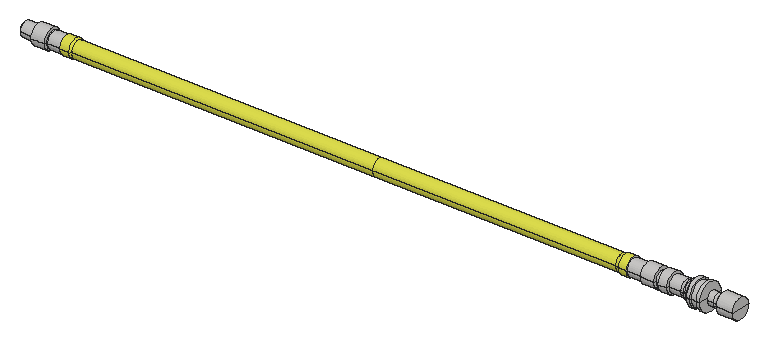
Revit family "QF_T&S_HG-4D-36K", category Specialty Equipment, Revit 2012
Parameters
  Weight in Pounds = 0
  URL Cutsheet = ""
  URL = "http://www.tsbrass.com/"
  Type Mark [instance] = ""
  Specification by User [instance] = ""
  Specification by Manufacturer = ""
  Serial Number = ""
  Seismic Rating = ""
  SMACNA No = ""
  Revision Code [instance] = ""
  Product Documentation Link = "http://catalog.tsbrass.com/"
  Plumbing Remarks = "Fusible Link Thermal Shut-Off"
  Omniclass Number and Title = ""
  NAFEM Spec ID Number = ""
  Model = "HG-4D-36K"  # constant formula
  Masterspec = ""
  Manufacturer Phone = ""
  Manufacturer Fax = ""
  Manufacturer Email = ""
  Manufacturer Address = ""
  Manufacturer = "T&S Brass and Bronze Works, Inc."  # constant formula
  Length [instance] = 39"
  Item Number [instance] = ""
  Installed By [instance] = ""
  Identify Quantity as Lot [instance] = yes
  Gas Temperature = 350 °F
  Gas Size = 3/4"
  Gas RI Height = 0"
  Gas Pressure = 0.50 psi
  Gas KW = 0
  Gas Input = 220000.0 Btu/h
  Gas Connection Height = 0"
  Gas = ""
  Furnished By [instance] = ""
  Foodservice Equipment Identifier [instance] = yes
  Description = "36’’ Coated Gas Appliance Connector Hose with 3/4'' NPT Male Connections and Quick-Disconnect"  # constant formula
  CSI MasterFormat = ""
  CSI Master Format = ""
Reference planes (in)
  plane 1 "BACK": y = 0
  plane 2: z = 0
  plane 3 "LEFT": x = -18.35997
  plane 4 "RIGHT": x = 20.64003
  plane 5 "FRONT": y = -0.5
  plane 6 "TOP": z = 0.5
  plane 7: x = 1.14003
  plane 8: y = -0.25
Forms (in)
  Revolve 1, solid, material "QF_Finishes_Stainless Steel"
    sketch origin (0, 0, 0) x (1, 0, 0) y (0, 1, 0)
      loop
        line (20.64003, -0.25) -> (20.64003, 0.28869) -> (19.76178, 0.28869) -> (19.76178, 0.09712) -> (19.61601, 0.09712)
        arc (19.61601, 0.09712) -> (19.53517, 0.05302) -> (19.45432, 0.09712) r 0.09616
        line (19.45432, 0.09712) -> (19.11985, 0.08544) -> (19.11985, -0.25) -> (20.64003, -0.25)
      loop
        line (16.34948, 0.16081) -> (16.34948, 0.2782) -> (15.61758, 0.2782) -> (15.61758, 0.19889) -> (14.80762, 0.19889) -> (14.80762, 0.23793) -> (14.38069, 0.23793)
        arc (14.38069, 0.23793) -> (14.28922, 0.21345) -> (14.19771, 0.18914) r 53.88088
        line (14.19771, 0.18914) -> (0.95697, 0.18914) -> (-15.45449, 0.18914)
        arc (-15.45449, 0.18914) -> (-15.52172, 0.2029) -> (-15.5797, 0.23921) r 0.1845
        line (-15.5797, 0.23921) -> (-16.06955, 0.23921) -> (-16.06955, 0.19454) -> (-16.77013, 0.19454)
        arc (-16.77013, 0.19454) -> (-16.84601, 0.15662) -> (-16.87661, 0.07752) r 0.11755
        line (-16.87661, 0.07752) -> (-16.87661, 0.28295) -> (-17.61423, 0.28295) -> (-17.61423, 0.1652) -> (-18.30117, 0.14121) -> (-18.35997, 0.08242) -> (-18.35997, -0.25) -> (18.99572, -0.25) -> (18.99572, 0.46038) -> (18.80708, 0.46038) -> (18.80708, 0.39844) -> (18.46411, 0.39844) -> (18.46411, 0.46038) -> (18.27548, 0.46038) -> (18.27548, 0.32006) -> (18.23759, 0.32006) -> (18.23759, 0.28869) -> (18.11997, 0.28869) -> (17.99326, 0.23793) -> (17.92959, 0.23793) -> (17.74662, 0.18914) -> (17.07017, 0.18914) -> (17.07017, 0.29382) -> (16.59707, 0.29382) -> (16.59707, 0.16081) -> (16.34948, 0.16081)
      axis (-18.35997, -0.25) -> (20.64003, -0.25)
    angle from 0 to 360
Lines and regions (in)
  symbolic lines
    curve 1: line (20.64003, 0.28869, 0) -> (19.76178, 0.28869, 0)
    curve 2: line (19.76178, 0.28869, 0) -> (19.76178, 0.09712, 0)
    curve 3: line (19.76178, 0.09712, 0) -> (19.61601, 0.09712, 0)
    curve 4: line (19.45432, 0.09712, 0) -> (19.11985, 0.08544, 0)
    curve 5: line (19.11985, 0.08544, 0) -> (19.11985, -0.58544, 0)
    curve 6: arc (19.61601, 0.09712, 0) -> (19.53517, 0.05317, 0) -> (19.45432, 0.09712, 0) r 0.09633
    curve 7: line (20.64003, -0.78869, 0) -> (19.76178, -0.78869, 0)
    curve 8: line (19.76178, -0.78869, 0) -> (19.76178, -0.59712, 0)
    curve 9: line (19.76178, -0.59712, 0) -> (19.61601, -0.59712, 0)
    curve 10: line (19.45432, -0.59712, 0) -> (19.11985, -0.58544, 0)
    curve 11: arc (19.61601, -0.59712, 0) -> (19.53517, -0.55317, 0) -> (19.45432, -0.59712, 0) r 0.09633
    curve 12: line (20.64003, 0.28869, 0) -> (20.64003, -0.78869, 0)
    curve 13: line (19.45432, -0.59712, 0) -> (19.45432, 0.09712, 0)
    curve 14: line (19.61601, 0.09712, 0) -> (19.61601, -0.59712, 0)
    curve 15: line (18.80708, 0.46038, 0) -> (18.99572, 0.46038, 0)
    curve 16: line (18.80708, -0.96038, 0) -> (18.80708, 0.46038, 0)
    curve 17: line (18.99572, -0.96038, 0) -> (18.80708, -0.96038, 0)
    curve 18: line (18.99572, 0.46038, 0) -> (18.99572, -0.96038, 0)
    curve 19: line (18.46411, 0.46038, 0) -> (18.27548, 0.46038, 0)
    curve 20: line (18.46411, -0.96038, 0) -> (18.46411, 0.46038, 0)
    curve 21: line (18.27548, -0.96038, 0) -> (18.46411, -0.96038, 0)
    curve 22: line (18.27548, 0.46038, 0) -> (18.27548, -0.96038, 0)
    curve 23: line (18.80708, 0.39738, 0) -> (18.46411, 0.39738, 0)
    curve 24: line (18.80708, -0.89937, 0) -> (18.46411, -0.89937, 0)
    curve 25: line (18.23759, -0.82006, 0) -> (18.27548, -0.82006, 0)
    curve 26: line (18.23759, -0.82006, 0) -> (18.23759, 0.32006, 0)
    curve 27: line (18.23759, 0.32006, 0) -> (18.27548, 0.32006, 0)
    curve 28: line (17.07017, -0.79382, 0) -> (17.07017, 0.29382, 0)
    curve 29: line (17.07017, 0.18914, 0) -> (17.74662, 0.18914, 0)
    curve 30: line (17.74662, 0.18914, 0) -> (17.92959, 0.23793, 0)
    curve 31: line (17.92959, 0.23793, 0) -> (17.99326, 0.23793, 0)
    curve 32: line (17.99326, 0.23793, 0) -> (18.11997, 0.28869, 0)
    curve 33: line (18.11997, 0.28869, 0) -> (18.23759, 0.28869, 0)
    curve 34: line (18.11997, 0.28869, 0) -> (18.11997, -0.78869, 0)
    curve 35: line (17.99326, -0.73793, 0) -> (17.99326, 0.23793, 0)
    curve 36: line (17.92959, 0.23793, 0) -> (17.92959, -0.73793, 0)
    curve 37: line (17.74662, 0.18914, 0) -> (17.74662, -0.68914, 0)
    curve 38: line (18.23759, -0.82006, 0) -> (18.27548, -0.82006, 0)
    curve 39: line (17.07017, -0.79382, 0) -> (17.07017, -0.68914, 0)
    curve 40: line (17.07017, -0.68914, 0) -> (17.74662, -0.68914, 0)
    curve 41: line (17.74662, -0.68914, 0) -> (17.92959, -0.73793, 0)
    curve 42: line (17.92959, -0.73793, 0) -> (17.99326, -0.73793, 0)
    curve 43: line (17.99326, -0.73793, 0) -> (18.11997, -0.78869, 0)
    curve 44: line (18.11997, -0.78869, 0) -> (18.23759, -0.78869, 0)
    curve 45: line (16.34948, 0.2782, 0) -> (15.61758, 0.2782, 0)
    curve 46: line (16.34948, -0.7782, 0) -> (16.34948, 0.2782, 0)
    curve 47: line (15.61758, -0.7782, 0) -> (16.34948, -0.7782, 0)
    curve 48: line (15.61758, 0.2782, 0) -> (15.61758, -0.7782, 0)
    curve 49: line (14.80762, 0.23793, 0) -> (14.38069, 0.23793, 0)
    curve 50: line (14.80762, -0.73793, 0) -> (14.80762, 0.23793, 0)
    curve 51: line (14.38069, -0.73793, 0) -> (14.80762, -0.73793, 0)
    curve 52: line (14.38069, 0.23793, 0) -> (14.38069, -0.73793, 0)
    curve 53: line (16.59707, 0.16081, 0) -> (16.34948, 0.16081, 0)
    curve 54: line (16.59707, -0.66081, 0) -> (16.34948, -0.66081, 0)
    curve 55: line (15.61758, -0.69721, 0) -> (14.80762, -0.69721, 0)
    curve 56: line (14.80762, 0.19812, 0) -> (15.61758, 0.19812, 0)
    curve 57: line (17.07017, 0.29382, 0) -> (16.59707, 0.29382, 0)
    curve 58: line (16.59707, 0.29382, 0) -> (16.59707, 0.16081, 0)
    curve 59: line (16.59707, -0.79382, 0) -> (16.59707, 0.16081, 0)
    curve 60: line (16.59707, -0.79382, 0) -> (17.07017, -0.79382, 0)
    curve 61: line (14.38069, 0.23793, 0) -> (14.19771, 0.18914, 0)
    curve 62: line (14.19771, 0.18914, 0) -> (14.19771, -0.68914, 0)
    curve 63: line (14.19771, -0.68914, 0) -> (14.38069, -0.73793, 0)
    curve 64: line (14.19771, -0.68914, 0) -> (-15.44657, -0.68914, 0)
    curve 65: line (14.19771, 0.18914, 0) -> (-15.44657, 0.18914, 0)
    curve 66: line (-17.61423, 0.28295, 0) -> (-16.87661, 0.28295, 0)
    curve 67: line (-17.61423, -0.78295, 0) -> (-17.61423, 0.28295, 0)
    curve 68: line (-16.87661, -0.78295, 0) -> (-17.61423, -0.78295, 0)
    curve 69: line (-16.87661, 0.28295, 0) -> (-16.87661, -0.78295, 0)
    curve 70: line (-16.06955, 0.23921, 0) -> (-15.5797, 0.23921, 0)
    curve 71: line (-16.06955, -0.73921, 0) -> (-16.06955, 0.23921, 0)
    curve 72: line (-15.5797, -0.73921, 0) -> (-16.06955, -0.73921, 0)
    curve 73: line (-15.5797, 0.23921, 0) -> (-15.5797, -0.73921, 0)
    curve 74: arc (-15.44657, -0.68914, 0) -> (-15.51769, -0.70207, 0) -> (-15.5797, -0.73921, 0) r 0.20204
    curve 75: arc (-15.5797, 0.23921, 0) -> (-15.51769, 0.20207, 0) -> (-15.44657, 0.18914, 0) r 0.20204
    curve 76: line (-16.77013, 0.19454, 0) -> (-16.77013, -0.69454, 0)
    curve 77: line (-16.77013, -0.69454, 0) -> (-16.06955, -0.69454, 0)
    curve 78: line (-16.77013, 0.19454, 0) -> (-16.06955, 0.19454, 0)
    curve 79: arc (-16.77013, 0.19454, 0) -> (-16.84542, 0.16336, 0) -> (-16.87661, 0.08807, 0) r 0.10647
    curve 80: arc (-16.77013, -0.69454, 0) -> (-16.84542, -0.66336, 0) -> (-16.87661, -0.58807, 0) r 0.10647
    curve 81: line (-18.35997, 0.08242, 0) -> (-18.30117, 0.14121, 0)
    curve 82: line (-18.30117, 0.14121, 0) -> (-17.61423, 0.1652, 0)
    curve 83: line (-18.30117, 0.14121, 0) -> (-18.30117, -0.64121, 0)
    curve 84: line (-18.35997, -0.58242, 0) -> (-18.35997, 0.08242, 0)
    curve 85: line (-18.35997, -0.58242, 0) -> (-18.30117, -0.64121, 0)
    curve 86: line (-18.30117, -0.64121, 0) -> (-17.61423, -0.6652, 0)
Dimensions and locks (in)
  "Length": plane 3 "LEFT" to plane 4 "RIGHT"
  plane 5 "FRONT" to plane 1 "BACK" = 1/2"  (x2)
  equal spacing: plane 3 "LEFT", plane 7, plane 4 "RIGHT"
  equal spacing: plane 5 "FRONT", plane 8, plane 1 "BACK"
  plane 6 "TOP" to plane 2 = 1/2"  (x2)
  plane 6 "TOP" to level = 1/2"
  plane 4 "RIGHT" to plane 3 "LEFT" = 39"
  aligned and locked: level to plane 2
  aligned and locked: Revolve 1 sketch curve to plane 4 "RIGHT"
Automatic sketch dimensions
  Revolve 1 sketch curve to plane 3 "LEFT" = 0"
  Revolve 1 sketch curve to plane 8 = 0"  (x3)
  plane 3 "LEFT" to Revolve 1 sketch curve = 0.0588"
  Revolve 1 sketch curve to plane 1 "BACK" = 0.1652"
  Revolve 1 sketch curve to Revolve 1 sketch curve = 0.68694"
  Revolve 1 sketch curve to plane 1 "BACK" = 0.07752"
  Revolve 1 sketch curve to Revolve 1 sketch curve = 0.73762"
  Revolve 1 sketch curve to Revolve 1 sketch curve = 0.10647"
  Revolve 1 sketch curve to Revolve 1 sketch curve = 0.70058"
  Revolve 1 sketch curve to plane 1 "BACK" = 0.18914"  (x2)
  Revolve 1 sketch curve to Revolve 1 sketch curve = 0.61506"
  Revolve 1 sketch curve to plane 7 = 0.73391"
  Revolve 1 sketch curve to plane 7 = 0.18306"
  plane 4 "RIGHT" to Revolve 1 sketch curve = 6.44232"
  Revolve 1 sketch curve to Revolve 1 sketch curve = 0.18297"  (x2)
  Revolve 1 sketch curve to Revolve 1 sketch curve = 0.42694"
  Revolve 1 sketch curve to plane 1 "BACK" = 0.2782"
  Revolve 1 sketch curve to Revolve 1 sketch curve = 0.80996"
  Revolve 1 sketch curve to Revolve 1 sketch curve = 0.73189"
  Revolve 1 sketch curve to Revolve 1 sketch curve = 0.2476"
  Revolve 1 sketch curve to Revolve 1 sketch curve = 0.4731"
  Revolve 1 sketch curve to Revolve 1 sketch curve = 0.67645"
  Revolve 1 sketch curve to plane 1 "BACK" = 0.23793"
  Revolve 1 sketch curve to Revolve 1 sketch curve = 0.06366"
  Revolve 1 sketch curve to plane 1 "BACK" = 0.28869"
  Revolve 1 sketch curve to Revolve 1 sketch curve = 0.12671"
  Revolve 1 sketch curve to Revolve 1 sketch curve = 0.11762"
  Revolve 1 sketch curve to Revolve 1 sketch curve = 0.03788"
  Revolve 1 sketch curve to Revolve 1 sketch curve = 0.18864"  (x2)
  Revolve 1 sketch curve to Revolve 1 sketch curve = 0.34297"
  Revolve 1 sketch curve to Revolve 1 sketch curve = 0.12413"
  Revolve 1 sketch curve to plane 1 "BACK" = 0.09712"
  Revolve 1 sketch curve to Revolve 1 sketch curve = 0.33448"
  Revolve 1 sketch curve to Revolve 1 sketch curve = 0.08084"  (x2)
  Revolve 1 sketch curve to Revolve 1 sketch curve = 0.14577"
  Revolve 1 sketch curve to plane 4 "RIGHT" = 1.13747"
  Revolve 1 sketch curve to Revolve 1 sketch curve = 0.5884"
  Revolve 1 sketch curve to plane 1 "BACK" = 0.08242"
  Revolve 1 sketch curve to plane 1 "BACK" = 0.08544"
  Revolve 1 sketch curve to Revolve 1 sketch curve = 0.0588"
  Revolve 1 sketch curve to Revolve 1 sketch curve = 0.05206"
  Revolve 1 sketch curve to plane 1 "BACK" = 0.16081"
  Revolve 1 sketch curve to plane 1 "BACK" = 0.19889"
  Revolve 1 sketch curve to Revolve 1 sketch curve = 0.03903"
  Revolve 1 sketch curve to Revolve 1 sketch curve = 0.11775"
  Revolve 1 sketch curve to Revolve 1 sketch curve = 0.19158"
  Revolve 1 sketch curve to Revolve 1 sketch curve = 0.13301"
  Revolve 1 sketch curve to Revolve 1 sketch curve = 0.03137"
  Revolve 1 sketch curve to plane 1 "BACK" = 51/128"
  Revolve 1 sketch curve to Revolve 1 sketch curve = 0.14032"
  Revolve 1 sketch curve to Revolve 1 sketch curve = 0.06194"
  Revolve 1 sketch curve to Revolve 1 sketch curve = 0.01107"
  Revolve 1 sketch curve to Revolve 1 sketch curve = 0.48985"
  Revolve 1 sketch curve to Revolve 1 sketch curve = 0.12522"
  Revolve 1 sketch curve to Revolve 1 sketch curve = 0.049"
  Revolve 1 sketch curve to Revolve 1 sketch curve = 0.00108"
  curve 84 to plane 3 "LEFT" = 0"
  curve 7 to plane 4 "RIGHT" = 0"
  plane 3 "LEFT" to curve 85 = 0.0588"
  plane 5 "FRONT" to curve 86 = 0.1652"
  curve 83 to curve 86 = 0.68694"
  curve 67 to curve 69 = 0.73762"
  curve 66 to curve 78 = 0.10647"
  plane 5 "FRONT" to curve 71 = 0.23921"
  curve 76 to curve 71 = 0.70058"
  curve 71 to curve 72 = 0.48985"
  curve 75 to curve 75 = 0.13314"
  curve 74 to curve 74 = 0.13314"
  curve 65 to plane 1 "BACK" = 0.18914"
  plane 4 "RIGHT" to curve 65 = 6.44232"
  curve 61 to plane 1 "BACK" = 0.23793"
  curve 61 to curve 61 = 0.18297"
  curve 51 to curve 51 = 0.42694"
  curve 45 to plane 1 "BACK" = 0.2782"
  curve 49 to curve 45 = 0.80996"
  plane 5 "FRONT" to curve 47 = 0.2782"
  curve 47 to curve 47 = 0.73189"
  curve 53 to curve 58 = 0.2476"
  curve 59 to curve 28 = 0.4731"
  plane 5 "FRONT" to curve 40 = 0.18914"
  curve 39 to curve 40 = 0.67645"
  curve 37 to curve 42 = 0.18297"
  curve 30 to curve 35 = 0.06366"
  curve 35 to curve 34 = 0.12671"
  curve 34 to curve 38 = 0.11762"
  curve 25 to curve 38 = 0.03788"
  curve 21 to curve 24 = 0.18864"
  curve 23 to curve 23 = 0.34297"
  curve 16 to curve 18 = 0.18864"
  plane 5 "FRONT" to curve 5 = 0.08544"
  curve 17 to curve 5 = 0.12413"
  curve 13 to plane 1 "BACK" = 0.09712"
  curve 4 to curve 13 = 0.33448"
  curve 11 to curve 11 = 0.08084"
  curve 4 to curve 6 = 0.08084"
  curve 6 to curve 6 = 0.08084"
  curve 11 to curve 7 = 0.14577"
  curve 6 to curve 1 = 0.14577"
  plane 5 "FRONT" to curve 69 = 0.28295"
  plane 5 "FRONT" to curve 34 = 0.28869"
  plane 5 "FRONT" to curve 7 = 0.28869"
  curve 28 to curve 39 = 0.10469"
  curve 38 to curve 44 = 0.03137"
  curve 74 to curve 74 = 0.15197"
  curve 24 to curve 25 = 0.07931"
  curve 18 to curve 24 = 0.06101"
  curve 22 to curve 25 = 0.14032"
  plane 5 "FRONT" to curve 51 = 0.23793"
  curve 34 to curve 35 = 13/256"
  curve 50 to curve 55 = 0.04072"
  curve 68 to curve 76 = 0.08841"
  curve 59 to curve 54 = 0.13301"
  plane 5 "FRONT" to curve 11 = 0.1495"
  plane 5 "FRONT" to curve 83 = 0.14121"
  curve 11 to curve 9 = 0.05239"
  plane 5 "FRONT" to curve 85 = 0.08242"
  curve 81 to plane 1 "BACK" = 0.08242"
  curve 5 to plane 1 "BACK" = 0.08544"
  curve 79 to plane 1 "BACK" = 0.08807"
  curve 81 to curve 81 = 0.0588"
  curve 4 to curve 6 = 0.05239"
  curve 53 to plane 1 "BACK" = 0.16081"
  curve 82 to plane 1 "BACK" = 0.1652"
  curve 37 to plane 1 "BACK" = 0.18914"
  curve 56 to curve 49 = 0.03981"
  curve 35 to plane 1 "BACK" = 0.23793"
  curve 75 to curve 75 = 0.05007"
  curve 82 to curve 67 = 0.11775"
  curve 31 to curve 33 = 13/256"
  curve 2 to curve 1 = 0.19158"
  curve 53 to curve 57 = 0.13301"
  curve 33 to curve 27 = 0.03137"
  curve 23 to plane 1 "BACK" = 0.39738"
  curve 27 to curve 22 = 0.14032"
  curve 23 to curve 18 = 0.063"
Connectors (in)
  piping at (20.64003, -0.25, 0)
    settings: on Revolve 1, index 1, connector radius 3/8", flow factor 0, pipe flow 0.00 GPM, pressure drop 0.00 psi, fitting loss kfactor 0, connector angle 0.00°, fixture units 0, engagement length 0", flow configuration 1, flow direction 1, fitting loss method 0, system type 7, joint type 0, gender type 0, connector reference index -1, connector utility 0, adjustable connector no, is connector primary yes, fitting loss table "", connector description "OUTLET"
  piping at (-18.35997, -0.25, 0)
    settings: on Revolve 1, index 2, connector radius 3/8", flow factor 0, pipe flow 0.00 GPM, pressure drop 0.00 psi, fitting loss kfactor 0, connector angle 0.00°, fixture units 0, engagement length 0", flow configuration 1, flow direction 1, fitting loss method 0, system type 7, joint type 0, gender type 0, connector reference index -1, connector utility 0, adjustable connector no, is connector primary no, fitting loss table "", connector description "INLET"
